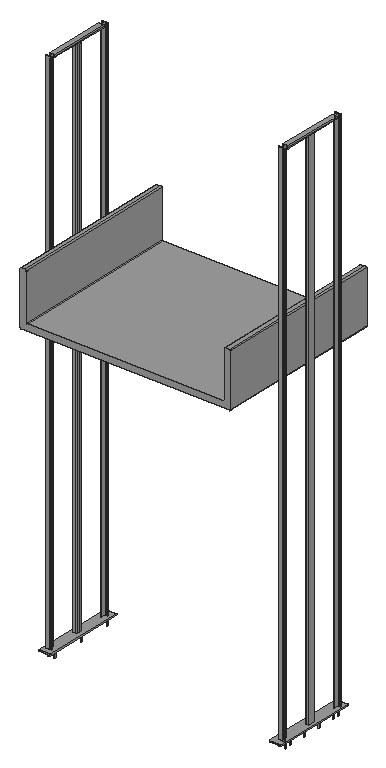
Revit family "1SE_Trez_TC_2C_1500_With_Pit", category Specialty Equipment, Revit 2019
Family settings
  Round Connector Dimension = Use Diameter
  Part Type = Normal
  Work Plane-Based = No
  Always vertical = Yes
  Cut with Voids When Loaded = Yes
  Shared = No
  Room Calculation Point = No
Parameters (values of type "Platform-2900x2480mm with Door Height 2500mm")
  Shaft = TREZ_Shaft_Space
  Safe Working Load = 1500.00 kg  # constant formula
  Safe Space = if(Cabin or Platform = Cabin, 900.0 mm, if(and(Cabin or Platform = Platform, Door Clear Height > 1900.0 mm), 600.0 mm, 0.0 mm))  # 600.0 mm
  Platform = Speciality_Equipment_Trez_Platform : Platform
  Door Clear Width = Clear Width  # 2900.0 mm
  Door Clear Height = 2500.0 mm
  Clear Width = 2900.0 mm
  URL = "https://trez.bg/en/products/goods-only-lift-tc/tc-2c-lift-2-cylinders/"
  Shaft Width = Real Width + 2 * Clearance  # 3640.0 mm
  Shaft Depth = Real Depth + 100.0 mm  # 2580.0 mm
  Tower Cladding Material = TREZ_Steel_Cladding
  Real Width = if(Clear Width < 1300.0 mm, 1300.0 mm, if(Clear Width > 2900.0 mm, 2900.0 mm, Clear Width))  # 2900.0 mm
  Real Depth = if(Clear Depth < 1300.0 mm, 1300.0 mm, if(Clear Depth > 2480.0 mm, 2480.0 mm, Clear Depth))  # 2480.0 mm
  Profiles Material = TREZ_Steel
  Platform Material = TREZ_Steel
  Pit Height = 180.0 mm  # constant formula
  Travel = 4500.0 mm
  Rail Height = Travel + Pit Height + Headroom  # 7780.0 mm
  Model = "TC 2C 1500"
  Manufacturer = "TREZ Ltd."
  Headroom = Door Clear Height + Safe Space  # 3100.0 mm
  Description = "Hydraulic goods only lift with two cylinders."  # constant formula
  Clear Depth = 2480.0 mm
  Created By URL = "https://all1studio.com/"
  Created By = "All 1 Studio Ltd."
  Clearance = 370.0 mm  # constant formula
  Cabin or Platform Back = no
  Cabin or Platform = Speciality_Equipment_Trez_Platform : Platform
  Cabin = Speciality_Equipment_Trez_Cabin : Cabin
Reference planes
  plane 1 "Center (Front/Back)": y = 0
  plane 2: z = 0
  plane 3 "Center (Left/Right)": x = 0
  plane 4: x = -1450
  plane 5: x = 1450
  plane 6: y = 1240
  plane 7: y = -1240
  plane 8: x = 1820
  plane 9: x = -1820
  plane 10: y = 1290
  plane 11: y = -1290
  plane 12: z = 4500
  plane 13 "Top of Lift": z = 7600
  plane 14 "Pit": z = -180
  plane 15: x = -1688.5
  plane 16: x = 1688.5
  plane 17: z = 7540
  plane 18: z = 40
  plane 19: z = -145
Forms (mm)
  Extrusion 1, void
    sketch origin (-3415.87, -1106.594, 0) x (1, 0, 0) y (0, 1, 0)
      loop
        line (5235.87, 2396.594) -> (1595.87, 2396.594) -> (1595.87, -183.406) -> (5235.87, -183.406) -> (5235.87, 2396.594)
    from 0 to -180
Lines and regions (mm)
  symbolic lines, style "Platform"
    curve 1: line (-1450, 1240, 0) -> (1450, 1240, 0)
    curve 2: line (-1450, -1240, 0) -> (-1450, 1240, 0)
    curve 3: line (1450, -1240, 0) -> (-1450, -1240, 0)
    curve 4: line (1450, 1240, 0) -> (1450, -1240, 0)
    curve 5: line (-1450, 1240, 0) -> (1450, -1240, 0)
    curve 6: line (1450, 1240, 0) -> (-1450, -1240, 0)
  symbolic lines, style "Shaft Volume"
    curve 7: line (-1820, 1290, 0) -> (1820, 1290, 0)
    curve 8: line (-1820, -1290, 0) -> (-1820, 1290, 0)
    curve 9: line (1820, -1290, 0) -> (-1820, -1290, 0)
    curve 10: line (1820, 1290, 0) -> (1820, -1290, 0)
    curve 11: line (-1820, 0, 7600) -> (1820, 0, 7600)
    curve 12: line (-1820, 0, 0) -> (-1820, 0, 7600)
    curve 13: line (1820, 0, 0) -> (-1820, 0, 0)
    curve 14: line (1820, 0, 7600) -> (1820, 0, 0)
    curve 15: line (0, 1290, 7600) -> (0, -1290, 7600)
    curve 16: line (0, 1290, 0) -> (0, 1290, 7600)
    curve 17: line (0, -1290, 0) -> (0, 1290, 0)
    curve 18: line (0, -1290, 7600) -> (0, -1290, 0)
Dimensions and locks
  equal spacing: plane 4, plane 3 "Center (Left/Right)", plane 5
  "Real Width": plane 4 to plane 5
  equal spacing: plane 7, plane 1 "Center (Front/Back)", plane 6
  "Real Depth": plane 7 to plane 6
  "Travel": plane 12 to level
  "Pit Height": level to plane 14 "Pit"
  "Headroom": plane 13 "Top of Lift" to plane 12
  locked: plane 13 "Top of Lift" to plane 17 at 60
  locked: plane 18 to level at 40
  locked: level to plane 19 at 145
  locked: plane 7 to plane 11 at 50
  locked: plane 6 to plane 10 at 50
  "Clearance": plane 9 to plane 4
  "Clearance": plane 5 to plane 8
  locked: plane 9 to plane 15 at 131.5
  locked: plane 16 to plane 8 at 131.5
  aligned and locked: level to plane 2
  aligned and locked: Extrusion 1 to plane 14 "Pit"
  aligned and locked: plane 1 "Center (Front/Back)" to nested 1
  aligned and locked: plane 3 "Center (Left/Right)" to nested 1
  aligned and locked: plane 15 to nested 2
  aligned and locked: nested 3 to plane 16
  aligned and locked: nested 2 to plane 14 "Pit"
  aligned and locked: plane 14 "Pit" to nested 3
  aligned and locked: plane 1 "Center (Front/Back)" to nested 2
  aligned and locked: nested 3 to plane 1 "Center (Front/Back)"
  aligned and locked: plane 12 to nested 1
  aligned and locked: plane 10 to curve 7
  aligned and locked: plane 9 to curve 8
  aligned and locked: plane 11 to curve 9
  aligned and locked: plane 8 to curve 10
  aligned and locked: curve 11 to plane 13 "Top of Lift"
  aligned and locked: plane 9 to curve 12
  aligned and locked: level to curve 13
  aligned and locked: plane 8 to curve 14
  aligned and locked: plane 13 "Top of Lift" to curve 15
  aligned and locked: curve 16 to plane 10
  aligned and locked: curve 17 to level
  aligned and locked: curve 18 to plane 11
  aligned and locked: Extrusion 1 to plane 9
  aligned and locked: Extrusion 1 to plane 11
  aligned and locked: Extrusion 1 to plane 8
  aligned and locked: Extrusion 1 to plane 10
Automatic sketch dimensions
  curve 3 to plane 4 = 0.0 mm
  curve 4 to plane 5 = 0.0 mm
  curve 3 to plane 7 = 0.0 mm
  plane 6 to curve 2 = 0.0 mm
  plane 10 to Extrusion 1 sketch curve = 0.0 mm
  plane 8 to Extrusion 1 sketch curve = 3640.0 mm
  plane 6 to Extrusion 1 sketch curve = 2530.0 mm
  Extrusion 1 sketch curve to Extrusion 1 sketch curve = 3640.0 mm
Nested families
  nested 1: "Speciality_Equipment_Trez_Platform" at (0, 0, 4500), type <- "Cabin or Platform", type "Platform"
    with Width 2900.0 mm, Depth 2480.0 mm, Back Board no
  nested 2: "Generic_Model_Trez_Rails" at (-1688.5, 0, -180), type "Rails"
    with Height 7780.0 mm
  nested 3: "Generic_Model_Trez_Rails" at (1688.5, 0, -180) x (-1, 0, 0) z (0, 0, 1), type "Rails"
    with Height 7780.0 mm
Definition of nested family "Speciality_Equipment_Trez_Platform"
  Parameters (values of type "Speciality_Equipment_Trez_Platform")
    Width = 3600.0 mm
    Platform Material = none
    Depth = 2900.0 mm
    Back Board = yes
  Reference planes
    plane 1 "Center (Front/Back)": y = 0
    plane 2 "Bottom": z = 0
    plane 3 "Center (Left/Right)": x = 0
    plane 4: x = 1800
    plane 5: x = -1800
    plane 6: y = 1450
    plane 7: y = -1450
    plane 8: x = -1889
    plane 9: x = 1889
    plane 10: y = 1485
    plane 11: z = -89
    plane 12: z = 709
  Forms (mm)
    Extrusion 1, solid, material <- "Platform Material", visible <- "Back Board"
      sketch origin (0, 0, 0) x (1, 0, 0) y (0, 1, 0)
        loop
          line (-1889, 1485) -> (-1889, 1450) -> (1889, 1450) -> (1889, 1485) -> (-1889, 1485)
      from 0 to 709
    Extrusion 2, solid, material <- "Platform Material", detail levels coarse+medium
      sketch origin (0, 0, 0) x (1, 0, 0) y (0, 0, 1)
        loop
          line (-1800, 709) -> (-1889, 709) -> (-1889, -89) -> (1889, -89) -> (1889, 709) -> (1800, 709) -> (1800, 0) -> (-1800, 0) -> (-1800, 709)
      from -1450 to 1450
    Extrusion 3, solid, material <- "Platform Material", detail levels fine
      sketch origin (0, 0, 0) x (1, 0, 0) y (0, 0, 1)
        loop
          arc (-1874, 709) -> (-1884.607, 704.607) -> (-1889, 694) r 15
          line (-1889, 694) -> (-1889, -74)
          arc (-1889, -74) -> (-1884.607, -84.607) -> (-1874, -89) r 15
          line (-1874, -89) -> (1874, -89)
          arc (1874, -89) -> (1884.607, -84.607) -> (1889, -74) r 15
          line (1889, -74) -> (1889, 694)
          arc (1889, 694) -> (1884.607, 704.607) -> (1874, 709) r 15
          line (1874, 709) -> (1815, 709)
          arc (1815, 709) -> (1804.393, 704.607) -> (1800, 694) r 15
          line (1800, 694) -> (1800, 15)
          arc (1800, 15) -> (1795.607, 4.393) -> (1785, 0) r 15
          line (1785, 0) -> (-1785, 0)
          arc (-1785, 0) -> (-1795.607, 4.393) -> (-1800, 15) r 15
          line (-1800, 15) -> (-1800, 694)
          arc (-1800, 694) -> (-1804.393, 704.607) -> (-1815, 709) r 15
          line (-1815, 709) -> (-1874, 709)
      from -1450 to 1450
  Dimensions and locks
    equal spacing: plane 5, plane 3 "Center (Left/Right)", plane 4
    "Width": plane 5 to plane 4
    equal spacing: plane 7, plane 1 "Center (Front/Back)", plane 6
    "Depth": plane 6 to plane 7
    locked: plane 8 to plane 5 at 89
    locked: plane 4 to plane 9 at 89
    locked: plane 10 to plane 6 at 35
    locked: plane 2 "Bottom" to plane 11 at 89
    locked: plane 12 to plane 2 "Bottom" at 709
    aligned and locked: level to plane 2 "Bottom"
    aligned and locked: Extrusion 1 sketch curve to plane 10
    aligned and locked: plane 8 to Extrusion 1 sketch curve
    aligned and locked: plane 5 to Extrusion 2 sketch curve
    aligned and locked: plane 8 to Extrusion 2 sketch curve
    aligned and locked: Extrusion 2 sketch curve to plane 9
    aligned and locked: Extrusion 2 sketch curve to plane 4
    aligned and locked: Extrusion 2 sketch curve to plane 2 "Bottom"
    aligned and locked: Extrusion 2 sketch curve to plane 11
    aligned and locked: Extrusion 2 sketch curve to plane 12
    aligned and locked: Extrusion 2 to plane 6
    aligned and locked: Extrusion 2 to plane 7
    aligned and locked: Extrusion 3 sketch curve to plane 12
    aligned and locked: plane 8 to Extrusion 3 sketch curve
    aligned and locked: plane 5 to Extrusion 3 sketch curve
    aligned and locked: Extrusion 3 sketch curve to plane 4
    aligned and locked: Extrusion 3 sketch curve to plane 9
    aligned and locked: Extrusion 3 sketch curve to plane 2 "Bottom"
    aligned and locked: Extrusion 3 sketch curve to plane 11
    aligned and locked: Extrusion 3 to plane 7
    aligned and locked: Extrusion 3 to plane 6
  Automatic sketch dimensions
    plane 12 to Extrusion 2 sketch curve = 0.0 mm
    Extrusion 1 sketch curve to plane 6 = 0.0 mm
    Extrusion 1 sketch curve to plane 9 = 0.0 mm
    Extrusion 3 sketch curve to plane 12 = 0.0 mm
    Extrusion 3 sketch curve to Extrusion 3 sketch curve = 15.0 mm  (x4)
    plane 5 to Extrusion 3 sketch curve = 15.0 mm
    Extrusion 3 sketch curve to plane 4 = 15.0 mm
    plane 4 to Extrusion 3 sketch curve = 15.0 mm
    Extrusion 3 sketch curve to plane 9 = 15.0 mm
Definition of nested family "Generic_Model_Trez_Rails"
  Parameters (values of type "SE_Trez_Rails")
    Profiles Material = none
    Height = 8720.0 mm
  Reference planes
    plane 1 "Center (Front/Back)": y = 0
    plane 2: z = 0
    plane 3 "Center (Left/Right)": x = 0
    plane 4: x = 87.2
    plane 5: x = -87.2
    plane 6: y = 607.5
    plane 7: y = -607.5
    plane 8: z = 8720
    plane 9: z = 15
    plane 10: z = 8685
    plane 11: z = -95
  Forms (mm)
    Extrusion 1, solid, material <- "Profiles Material", detail levels fine
      sketch origin (0, 0, 0) x (1, 0, 0) y (0, 1, 0)
        loop
          line (77.2, 607.5) -> (-77.2, 607.5)
          arc (-77.2, 607.5) -> (-84.271, 604.571) -> (-87.2, 597.5) r 10
          line (-87.2, 597.5) -> (-87.2, -597.5)
          arc (-87.2, -597.5) -> (-84.271, -604.571) -> (-77.2, -607.5) r 10
          line (-77.2, -607.5) -> (77.2, -607.5)
          arc (77.2, -607.5) -> (84.271, -604.571) -> (87.2, -597.5) r 10
          line (87.2, -597.5) -> (87.2, 597.5)
          arc (87.2, 597.5) -> (84.271, 604.571) -> (77.2, 607.5) r 10
      from 0 to 15
    Extrusion 2, solid, material <- "Profiles Material", detail levels fine
      sketch origin (0, 0, 0) x (1, 0, 0) y (0, 1, 0)
        loop
          line (-61.5, -517.5) -> (28.5, -517.5) -> (28.5, -509.5) -> (-3.5, -509.5)
          arc (-3.5, -509.5) -> (-7.036, -508.036) -> (-8.5, -504.5) r 5
          line (-8.5, -504.5) -> (-8.5, -442.5) -> (-24.5, -442.5) -> (-24.5, -504.5)
          arc (-24.5, -504.5) -> (-25.964, -508.036) -> (-29.5, -509.5) r 5
          line (-29.5, -509.5) -> (-61.5, -509.5) -> (-61.5, -517.5)
        loop
          line (-37.94, -40) -> (-1.94, -40)
          arc (-1.94, -40) -> (8.667, -35.607) -> (13.06, -25) r 15
          line (13.06, -25) -> (13.06, 25)
          arc (13.06, 25) -> (8.667, 35.607) -> (-1.94, 40) r 15
          line (-1.94, 40) -> (-37.94, 40) -> (-37.94, -40)
        loop
          line (-61.5, 517.5) -> (-61.5, 509.5) -> (-29.5, 509.5)
          arc (-29.5, 509.5) -> (-25.964, 508.036) -> (-24.5, 504.5) r 5
          line (-24.5, 504.5) -> (-24.5, 442.5) -> (-8.5, 442.5) -> (-8.5, 504.5)
          arc (-8.5, 504.5) -> (-7.036, 508.036) -> (-3.5, 509.5) r 5
          line (-3.5, 509.5) -> (28.5, 509.5) -> (28.5, 517.5) -> (-61.5, 517.5)
      from 15 to 8720
    Extrusion 3, solid, material <- "Profiles Material", detail levels fine
      sketch origin (0, 0, 0) x (1, 0, 0) y (0, 0, 1)
        loop
          line (-51.5, 8720) -> (-51.5, 8690)
          arc (-51.5, 8690) -> (-50.036, 8686.464) -> (-46.5, 8685) r 5
          line (-46.5, 8685) -> (13.5, 8685)
          arc (13.5, 8685) -> (17.036, 8686.464) -> (18.5, 8690) r 5
          line (18.5, 8690) -> (18.5, 8720) -> (-51.5, 8720)
      from -442.5 to 442.5
    Extrusion 4, solid, material <- "Profiles Material", detail levels coarse+medium
      sketch origin (0, 0, 0) x (1, 0, 0) y (0, 1, 0)
        loop
          line (87.2, 607.5) -> (-87.2, 607.5) -> (-87.2, -607.5) -> (87.2, -607.5) -> (87.2, 607.5)
      from 0 to 15
    Extrusion 5, solid, material <- "Profiles Material", detail levels coarse+medium
      sketch origin (0, 0, 0) x (1, 0, 0) y (0, 1, 0)
        loop
          line (-61.5, -517.5) -> (28.5, -517.5) -> (28.5, -442.5) -> (-61.5, -442.5) -> (-61.5, -517.5)
        loop
          line (-37.94, -40) -> (13.06, -40) -> (13.06, 40) -> (-37.94, 40) -> (-37.94, -40)
        loop
          line (-61.5, 517.5) -> (-61.5, 442.5) -> (28.5, 442.5) -> (28.5, 517.5) -> (-61.5, 517.5)
      from 15 to 8720
    Extrusion 6, solid, material <- "Profiles Material", detail levels coarse+medium
      sketch origin (0, 0, 0) x (1, 0, 0) y (0, 0, 1)
        loop
          line (-51.5, 8720) -> (-51.5, 8690)
          arc (-51.5, 8690) -> (-50.036, 8686.464) -> (-46.5, 8685) r 5
          line (-46.5, 8685) -> (13.5, 8685)
          arc (13.5, 8685) -> (17.036, 8686.464) -> (18.5, 8690) r 5
          line (18.5, 8690) -> (18.5, 8720) -> (-51.5, 8720)
      from -442.5 to 442.5
    Extrusion 7, solid, material <- "Profiles Material", detail levels fine
      sketch origin (0, 0, 0) x (1, 0, 0) y (0, 1, 0)
        loop
          circle (46.2, 480) r 7.5
        loop
          circle (-43.8, 480) r 7.5
        loop
          circle (-43.8, 390) r 7.5
        loop
          circle (46.2, -480) r 7.5
        loop
          circle (-43.8, -480) r 7.5
        loop
          circle (-43.8, -390) r 7.5
        loop
          circle (-43.8, -130) r 7.5
        loop
          circle (-43.8, 130) r 7.5
        loop
          circle (46.2, 0.052) r 7.5
      from -95 to 0
  Cuts and joins
    joined: Extrusion 2, Extrusion 3
    joined: Extrusion 5, Extrusion 6
  Lines and regions (mm)
    symbolic lines
      curve 1: line (28.5, 442.5, 0) -> (-61.5, 442.5, 0)
      curve 2: line (28.5, 517.5, 0) -> (28.5, 442.5, 0)
      curve 3: line (-61.5, 517.5, 0) -> (28.5, 517.5, 0)
      curve 4: line (-61.5, 442.5, 0) -> (-61.5, 517.5, 0)
      curve 5: line (13.06, 40, 0) -> (-37.94, 40, 0)
      curve 6: line (13.06, -40, 0) -> (13.06, 40, 0)
      curve 7: line (-37.94, -40, 0) -> (13.06, -40, 0)
      curve 8: line (-37.94, 40, 0) -> (-37.94, -40, 0)
      curve 9: line (28.5, -442.5, 0) -> (-61.5, -442.5, 0)
      curve 10: line (28.5, -517.5, 0) -> (28.5, -442.5, 0)
      curve 11: line (-61.5, -517.5, 0) -> (28.5, -517.5, 0)
      curve 12: line (-61.5, -442.5, 0) -> (-61.5, -517.5, 0)
      curve 13: line (87.2, -607.5, 0) -> (-87.2, -607.5, 0)
      curve 14: line (87.2, 607.5, 0) -> (87.2, -607.5, 0)
      curve 15: line (-87.2, 607.5, 0) -> (87.2, 607.5, 0)
      curve 16: line (-87.2, -607.5, 0) -> (-87.2, 607.5, 0)
  Dimensions and locks
    equal spacing: plane 5, plane 3 "Center (Left/Right)", plane 4
    plane 5 to plane 4 = 174.4 mm
    equal spacing: plane 6, plane 1 "Center (Front/Back)", plane 7
    plane 7 to plane 6 = 1215.0 mm
    "Height": plane 8 to plane 2
    locked: plane 9 to plane 2 at 15
    locked: plane 8 to Extrusion 3 sketch curve at 35
    locked: plane 8 to plane 10 at 35
    locked: plane 2 to plane 11 at 95
    aligned and locked: level to plane 2
    aligned and locked: Extrusion 1 sketch curve to plane 6
    aligned and locked: plane 4 to Extrusion 1 sketch curve
    aligned and locked: Extrusion 1 sketch curve to plane 7
    aligned and locked: plane 5 to Extrusion 1 sketch curve
    aligned and locked: plane 8 to Extrusion 2
    aligned and locked: Extrusion 1 to plane 9
    aligned and locked: plane 9 to Extrusion 2
    aligned and locked: Extrusion 4 sketch curve to plane 6
    aligned and locked: plane 4 to Extrusion 4 sketch curve
    aligned and locked: Extrusion 4 sketch curve to plane 7
    aligned and locked: plane 5 to Extrusion 4 sketch curve
    aligned and locked: Extrusion 4 to plane 9
    aligned and locked: Extrusion 4 to plane 2
    aligned and locked: plane 8 to Extrusion 5
    aligned and locked: plane 8 to Extrusion 3 sketch curve
    aligned and locked: Extrusion 3 to Extrusion 5  (x2)
    aligned and locked: Extrusion 7 to plane 11
    aligned and locked: plane 2 to Extrusion 7
  Automatic sketch dimensions
    Extrusion 2 sketch curve to plane 5 = 25.7 mm  (x2)
    Extrusion 2 sketch curve to plane 3 "Center (Left/Right)" = 29.5 mm  (x2)
    Extrusion 2 sketch curve to Extrusion 2 sketch curve = 5.0 mm
    Extrusion 2 sketch curve to plane 3 "Center (Left/Right)" = 24.5 mm
    Extrusion 2 sketch curve to plane 3 "Center (Left/Right)" = 8.5 mm  (x2)
    Extrusion 2 sketch curve to plane 3 "Center (Left/Right)" = 3.5 mm  (x2)
    Extrusion 2 sketch curve to plane 3 "Center (Left/Right)" = 1.94 mm  (x2)
    Extrusion 2 sketch curve to Extrusion 2 sketch curve = 15.0 mm
    plane 3 "Center (Left/Right)" to Extrusion 2 sketch curve = 28.5 mm  (x2)
    plane 7 to Extrusion 2 sketch curve = 90.0 mm
    Extrusion 2 sketch curve to Extrusion 2 sketch curve = 8.0 mm  (x3)
    Extrusion 2 sketch curve to Extrusion 2 sketch curve = 62.0 mm  (x2)
    Extrusion 2 sketch curve to plane 1 "Center (Front/Back)" = 25.0 mm
    plane 6 to Extrusion 2 sketch curve = 165.0 mm
    Extrusion 2 sketch curve to Extrusion 2 sketch curve = 0.0 mm
    Extrusion 2 sketch curve to plane 3 "Center (Left/Right)" = 37.94 mm
    plane 1 "Center (Front/Back)" to Extrusion 2 sketch curve = 40.0 mm
    Extrusion 3 sketch curve to Extrusion 3 sketch curve = 5.0 mm  (x2)
    plane 3 "Center (Left/Right)" to Extrusion 3 sketch curve = 13.5 mm
    Extrusion 3 sketch curve to plane 5 = 40.7 mm
    Extrusion 1 sketch curve to plane 5 = 10.0 mm
    Extrusion 1 sketch curve to Extrusion 1 sketch curve = 10.0 mm
    Extrusion 1 sketch curve to plane 4 = 10.0 mm  (x2)
    Extrusion 5 sketch curve to plane 5 = 25.7 mm  (x2)
    Extrusion 5 sketch curve to plane 3 "Center (Left/Right)" = 37.94 mm
    plane 3 "Center (Left/Right)" to Extrusion 5 sketch curve = 28.5 mm  (x2)
    plane 3 "Center (Left/Right)" to Extrusion 5 sketch curve = 13.06 mm
    plane 7 to Extrusion 5 sketch curve = 90.0 mm
    plane 1 "Center (Front/Back)" to Extrusion 5 sketch curve = 40.0 mm
    plane 6 to Extrusion 5 sketch curve = 165.0 mm
    Extrusion 5 sketch curve to Extrusion 5 sketch curve = 75.0 mm  (x2)
    Extrusion 5 sketch curve to plane 1 "Center (Front/Back)" = 40.0 mm
    Extrusion 6 sketch curve to plane 8 = 0.0 mm
    Extrusion 6 sketch curve to plane 10 = 0.0 mm
    plane 10 to Extrusion 6 sketch curve = 5.0 mm  (x2)
    Extrusion 6 sketch curve to plane 5 = 35.7 mm
    plane 3 "Center (Left/Right)" to Extrusion 6 sketch curve = 13.5 mm
    curve 16 to plane 5 = 0.0 mm
    curve 15 to plane 4 = 0.0 mm
    curve 13 to plane 7 = 0.0 mm
    plane 6 to curve 15 = 0.0 mm
    curve 3 to plane 5 = 25.7 mm
    curve 12 to plane 5 = 25.7 mm
    curve 5 to plane 3 "Center (Left/Right)" = 37.94 mm
    plane 3 "Center (Left/Right)" to curve 5 = 13.06 mm
    plane 3 "Center (Left/Right)" to curve 11 = 28.5 mm
    plane 3 "Center (Left/Right)" to curve 2 = 28.5 mm
    plane 7 to curve 11 = 90.0 mm
    curve 10 to curve 10 = 75.0 mm
    plane 1 "Center (Front/Back)" to curve 7 = 40.0 mm
    curve 5 to plane 1 "Center (Front/Back)" = 40.0 mm
    plane 6 to curve 2 = 165.0 mm
    curve 1 to curve 3 = 75.0 mm
    Extrusion 7 sketch curve to plane 5 = 43.4 mm  (x6)
    Extrusion 7 sketch curve to plane 4 = 41.0 mm  (x3)
    plane 7 to Extrusion 7 sketch curve = 127.5 mm
    Extrusion 7 sketch curve to Extrusion 7 sketch curve = 0.0 mm  (x2)
    Extrusion 7 sketch curve to Extrusion 7 sketch curve = 90.0 mm  (x2)
    plane 6 to Extrusion 7 sketch curve = 217.5 mm
    Extrusion 7 sketch curve to plane 1 "Center (Front/Back)" = 0.052 mm
    plane 1 "Center (Front/Back)" to Extrusion 7 sketch curve = 130.0 mm
    Extrusion 7 sketch curve to plane 1 "Center (Front/Back)" = 130.0 mm
    radius of Extrusion 7 sketch curve = 7.5 mm  (x9)
